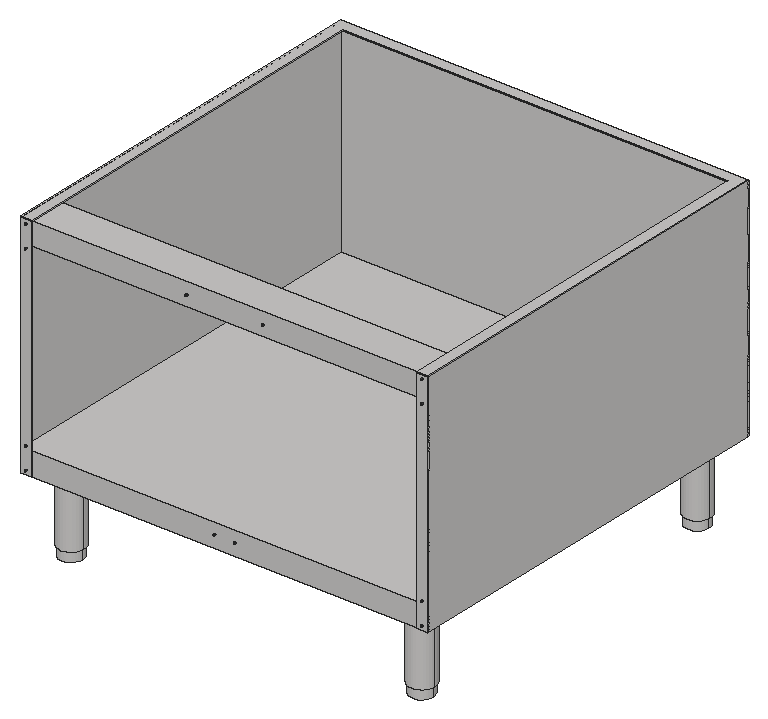
Revit family "QF_ELECTROLUXPROFESSIONAL_391154_E9BANH00O0", category Specialty Equipment, Revit 2018
Family settings
  Round Connector Dimension = Use Diameter
  Part Type = Normal
  Work Plane-Based = No
  Always vertical = Yes
  Cut with Voids When Loaded = No
  Shared = No
  Room Calculation Point = No
Parameters
  Width = 799 mm  # constant formula
  Weight in Pounds = 35
  URL Cutsheet = "www.electrolux.com"
  URL = "www.electrolux.com"
  Type Mark [instance] = ""
  Status [instance] = ""
  Specification by User [instance] = ""
  Specification by Manufacturer = ""
  Show Clearance [instance] = yes
  Serial Number = ""
  Seismic Rating = ""
  SMACNA No = ""
  Revision Code [instance] = ""
  Omniclass Number and Title = ""
  NAFEM Spec ID Number = ""
  Model = "391154"
  Masterspec = ""
  Manufacturer = "ELECTROLUX"
  Item Number [instance] = ""
  Installed By [instance] = ""
  Identify Quantity as Lot [instance] = yes
  Height = 599 mm  # constant formula
  Furnished By [instance] = ""
  Foodservice Equipment Identifier [instance] = yes
  Direct Waste Size = 0"
  Description = "900XP OPEN BASE 800 MM 1 MODULE."
  Depth = 785 mm  # constant formula
  CSI MasterFormat = ""
  CSI Master Format = ""
Reference planes
  plane 1 "BACK": y = 0
  plane 2: z = 0
  plane 3 "LEFT": x = 0
  plane 4 "RIGHT": x = 799
  plane 5 "FRONT": y = -785
  plane 6 "TOP": z = 599
  plane 7 "Center Y": x = 399.5
  plane 8 "Center X": y = -392.5
  plane 9 "Base Height": z = 149
  plane 10: x = 56
  plane 11: x = 743
  plane 12: y = -55
  plane 13: y = -730
Forms (mm)
  Extrusion 1, solid, material "QF_Finishes_Stainless Steel"
    sketch origin (0, -231, 149) x (-1, 0, 0) y (0, -1, 0)
      loop
        line (0, -231) -> (0, 554) -> (-22, 554) -> (-22, -209) -> (-777, -209) -> (-777, 554) -> (-799, 554) -> (-799, -231) -> (0, -231)
    from 448.412 to 450
  Extrusion 2, solid, material "QF_Finishes_Stainless Steel"
    sketch origin (0, -785, 0) x (1, 0, 0) y (0, 0, 1)
      loop
        line (0, 597.413) -> (0, 149) -> (22, 149) -> (22, 597.413) -> (0, 597.413)
      loop
        line (799, 149) -> (799, 597.413) -> (777, 597.413) -> (777, 149) -> (799, 149)
    from 0 to -1.59
  Extrusion 3, solid, material "QF_Finishes_Stainless Steel"
    sketch origin (0, -231, 0) x (0, 1, 0) y (0, 0, 1)
      loop
        line (-552.41, 597.413) -> (-552.41, 149) -> (229.41, 149) -> (229.41, 597.413) -> (-552.41, 597.413)
    from 0 to 1.59
  Extrusion 4, solid, material "QF_Finishes_Stainless Steel"
    sketch origin (799, -785, 597.413) x (0, 0, -1) y (0, 1, 0)
      loop
        line (0, 1.59) -> (448.412, 1.59) -> (448.412, 783.41) -> (0, 783.41) -> (0, 1.59)
    from 0 to -1.59
  Extrusion 5, solid, material "QF_Finishes_Stainless Steel"
    sketch origin (0, 0, 0) x (1, 0, 0) y (0, 0, 1)
      loop
        line (0, 597.413) -> (0, 149) -> (799, 149) -> (799, 597.413) -> (0, 597.413)
    from 0 to 1.59
  Extrusion 6, solid, material "QF_Finishes_Stainless Steel"
    sketch origin (0, -231, 149) x (-1, 0, 0) y (0, -1, 0)
      loop
        line (-1.59, -229.41) -> (-1.59, 552.41) -> (-797.41, 552.41) -> (-797.41, -229.41) -> (-1.59, -229.41)
      loop
        circle (-752.751, 403.685) r 12.7
    from 0 to 45
  Extrusion 7, solid, material "QF_Finishes_Stainless Steel"
    sketch origin (0, -231, 0) x (0, 1, 0) y (0, 0, 1)
      loop
        line (-552.41, 597.413) -> (-552.41, 554.237) -> (-550.82, 554.237) -> (-550.82, 595.823) -> (-477.41, 595.823) -> (-477.41, 597.413) -> (-552.41, 597.413)
    from 1.59 to 797.41
  Extrusion 8, solid, material "QF_Finishes_Black"
    sketch origin (399, -785, 149) x (-1, 0, 0) y (0, 0, -1)
      loop
        circle (387.615, -441.126) r 1.5
      loop
        circle (387.615, -397.951) r 1.5
      loop
        circle (387.615, -51.126) r 1.5
      loop
        circle (387.615, -7.951) r 1.5
      loop
        circle (-388.615, -441.126) r 1.5
      loop
        circle (-388.615, -397.951) r 1.5
      loop
        circle (-388.615, -51.126) r 1.5
      loop
        circle (-388.615, -7.951) r 1.5
    from 0 to 1.59
  Extrusion 9, solid, material "QF_Finishes_Black"
    sketch origin (0, -783.41, 592.413) x (0, 0, 1) y (-1, 0, 0)
      loop
        circle (-17.884, -324.72) r 1.5
      loop
        circle (-17.884, -474.28) r 1.5
      loop
        circle (-419.876, -379.55) r 1.5
      loop
        circle (-419.876, -419.45) r 1.5
    from 0 to 1.59
  Revolve 10, solid, material "QF_Finishes_Stainless Steel"
    sketch origin (398, -55, 0) x (-1, 0, 0) y (0, 0, -1)
      loop
        line (-345, 0) -> (-367.9, 0) -> (-367.9, -19.05) -> (-370.4, -19.05) -> (-370.4, -149) -> (-345, -149) -> (-345, 0)
      axis (-345, 0) -> (-345, -149)
    angle from 0 to 360
  Revolve 11, solid, material "QF_Finishes_Stainless Steel"
    sketch origin (398, -730, 0) x (-1, 0, 0) y (0, 0, -1)
      loop
        line (-345, 0) -> (-367.9, 0) -> (-367.9, -19.05) -> (-370.4, -19.05) -> (-370.4, -149) -> (-345, -149) -> (-345, 0)
      axis (-345, 0) -> (-345, -149)
    angle from 0 to 360
  Revolve 12, solid, material "QF_Finishes_Stainless Steel"
    sketch origin (401, -55, 0) x (1, 0, 0) y (0, 0, 1)
      loop
        line (-345, 0) -> (-345, 149) -> (-370.4, 149) -> (-370.4, 19.05) -> (-367.9, 19.05) -> (-367.9, 0) -> (-345, 0)
      axis (-345, 0) -> (-345, 149)
    angle from 0 to 360
  Revolve 13, solid, material "QF_Finishes_Stainless Steel"
    sketch origin (401, -730, 0) x (1, 0, 0) y (0, 0, 1)
      loop
        line (-345, 0) -> (-345, 149) -> (-370.4, 149) -> (-370.4, 19.05) -> (-367.9, 19.05) -> (-367.9, 0) -> (-345, 0)
      axis (-345, 0) -> (-345, 149)
    angle from 0 to 360
Lines and regions (mm)
  symbolic lines, style "QF_Undercounter Details"
    curve 1: line (0, 0, 149) -> (799, 0, 149)
    curve 2: line (0, -785, 149) -> (0, 0, 149)
    curve 3: line (799, -785, 149) -> (0, -785, 149)
    curve 4: line (799, 0, 149) -> (799, -785, 149)
    curve 5: line (22, -708.41, 149) -> (777, -708.41, 149)
    curve 6: line (777, -785, 149) -> (777, -22, 149)
    curve 7: line (777, -22, 149) -> (22, -22, 149)
    curve 8: line (22, -22, 149) -> (22, -785, 149)
    curve 10: line (777, -22, 149) -> (799, 0, 149)
  symbolic lines
    curve 9: line (22, -22, 149) -> (0, 0, 149)
Dimensions and locks
  equal spacing: plane 3 "LEFT", plane 7 "Center Y", plane 4 "RIGHT"
  "Width": plane 3 "LEFT" to plane 4 "RIGHT"
  equal spacing: plane 5 "FRONT", plane 8 "Center X", plane 1 "BACK"
  "Depth": plane 5 "FRONT" to plane 1 "BACK"
  "Height": plane 6 "TOP" to level
  locked: plane 9 "Base Height" to level at 149
  plane 4 "RIGHT" to plane 3 "LEFT" = 799 mm
  plane 4 "RIGHT" to plane 11 to plane 10 to plane 3 "LEFT" = 56 mm, 687 mm, 56 mm
  plane 12 to plane 1 "BACK" = 55 mm
  plane 5 "FRONT" to plane 13 = 55 mm
  plane 9 "Base Height" to plane 2 = 149 mm
  plane 6 "TOP" to plane 9 "Base Height" = 450 mm
  aligned and locked: level to plane 2
Automatic sketch dimensions
  plane 1 "BACK" to curve 1 = 0 mm
  curve 1 to plane 4 "RIGHT" = 0 mm
  plane 5 "FRONT" to curve 6 = 0 mm
  curve 3 to plane 3 "LEFT" = 0 mm
  curve 6 to plane 4 "RIGHT" = 22 mm
  plane 3 "LEFT" to curve 5 = 22 mm
  plane 1 "BACK" to curve 7 = 22 mm
  plane 13 to curve 5 = 21.59 mm
  plane 1 "BACK" to Extrusion 1 sketch curve = 0 mm
  Extrusion 1 sketch curve to plane 4 "RIGHT" = 0 mm
  plane 5 "FRONT" to Extrusion 1 sketch curve = 0 mm  (x2)
  Extrusion 1 sketch curve to plane 3 "LEFT" = 0 mm
  Extrusion 1 sketch curve to Extrusion 1 sketch curve = 22 mm
  plane 3 "LEFT" to Extrusion 1 sketch curve = 22 mm
  plane 1 "BACK" to Extrusion 1 sketch curve = 22 mm
  Extrusion 2 sketch curve to plane 3 "LEFT" = 0 mm
  Extrusion 2 sketch curve to plane 9 "Base Height" = 0 mm  (x2)
  Extrusion 2 sketch curve to plane 4 "RIGHT" = 0 mm
  plane 3 "LEFT" to Extrusion 2 sketch curve = 22 mm
  Extrusion 2 sketch curve to Extrusion 2 sketch curve = 22 mm
  Extrusion 2 sketch curve to plane 6 "TOP" = 1.587 mm  (x2)
  Extrusion 3 sketch curve to plane 9 "Base Height" = 0 mm
  Extrusion 3 sketch curve to plane 5 "FRONT" = 1.59 mm
  plane 1 "BACK" to Extrusion 3 sketch curve = 1.59 mm
  Extrusion 3 sketch curve to plane 6 "TOP" = 1.587 mm
  Extrusion 2 to Extrusion 4 sketch curve = 0 mm
  Extrusion 4 sketch curve to Extrusion 2 = 0 mm  (x2)
  Extrusion 4 sketch curve to Extrusion 2 = 781.82 mm
  Extrusion 5 sketch curve to plane 3 "LEFT" = 0 mm
  Extrusion 5 sketch curve to plane 4 "RIGHT" = 0 mm
  Extrusion 5 sketch curve to plane 9 "Base Height" = 0 mm
  Extrusion 5 sketch curve to plane 6 "TOP" = 1.587 mm
  Extrusion 6 sketch curve to Extrusion 6 sketch curve = 0 mm  (x2)
  Extrusion 6 sketch curve to plane 4 "RIGHT" = 1.59 mm
  plane 11 to Extrusion 6 sketch curve = 22.451 mm
  plane 11 to Extrusion 6 sketch curve = 9.751 mm
  plane 3 "LEFT" to Extrusion 6 sketch curve = 1.59 mm
  plane 1 "BACK" to Extrusion 6 sketch curve = 1.59 mm
  plane 13 to Extrusion 6 sketch curve = 95.315 mm
  Extrusion 6 sketch curve to plane 5 "FRONT" = 1.59 mm
  Extrusion 7 sketch curve to plane 5 "FRONT" = 1.59 mm
  Extrusion 7 sketch curve to Extrusion 7 sketch curve = 1.59 mm
  Extrusion 7 sketch curve to plane 6 "TOP" = 3.178 mm
  plane 13 to Extrusion 7 sketch curve = 21.59 mm
  Extrusion 7 sketch curve to Extrusion 7 sketch curve = 41.585 mm
  Extrusion 7 sketch curve to plane 6 "TOP" = 1.588 mm
  Extrusion 1 to Extrusion 8 sketch curve = 765.615 mm
  Extrusion 8 sketch curve to Extrusion 1 = 50.462 mm
  Extrusion 8 sketch curve to Extrusion 8 sketch curve = 0 mm  (x3)
  Extrusion 8 sketch curve to Extrusion 1 = 7.286 mm  (x2)
  Extrusion 8 sketch curve to Extrusion 1 = 10.615 mm  (x4)
  Extrusion 8 sketch curve to Extrusion 8 sketch curve = 43.175 mm  (x3)
  Extrusion 8 sketch curve to Extrusion 8 sketch curve = 346.825 mm  (x2)
  Revolve 10 sketch curve to plane 9 "Base Height" = 0 mm
  Revolve 10 sketch curve to level = 0 mm
  Revolve 10 sketch curve to plane 11 = 0 mm  (x2)
  Revolve 10 sketch curve to Revolve 10 sketch curve = 22.9 mm
  Revolve 10 sketch curve to Revolve 10 sketch curve = 2.5 mm
  plane 9 "Base Height" to Revolve 10 sketch curve = 1 mm
  Revolve 10 sketch curve to Revolve 10 sketch curve = 20 mm
  level to Revolve 10 sketch curve = 19.05 mm
  Revolve 11 sketch curve to plane 9 "Base Height" = 0 mm
  Revolve 11 sketch curve to level = 0 mm
  Revolve 11 sketch curve to plane 11 = 0 mm  (x2)
  Revolve 11 sketch curve to Revolve 11 sketch curve = 22.9 mm
  Revolve 11 sketch curve to Revolve 11 sketch curve = 2.5 mm
  Revolve 11 sketch curve to Revolve 11 sketch curve = 1 mm
  Revolve 11 sketch curve to Revolve 11 sketch curve = 20 mm
  level to Revolve 11 sketch curve = 19.05 mm
  Revolve 12 sketch curve to plane 9 "Base Height" = 0 mm
  Revolve 12 sketch curve to level = 0 mm
  plane 10 to Revolve 12 sketch curve = 0 mm  (x2)
  plane 10 to Revolve 12 sketch curve = 22.9 mm
  Revolve 12 sketch curve to Revolve 12 sketch curve = 2.5 mm
  level to Revolve 12 sketch curve = 19.05 mm
  plane 9 "Base Height" to Revolve 12 sketch curve = 1 mm
  Revolve 12 sketch curve to Revolve 12 sketch curve = 20 mm
  Revolve 13 sketch curve to plane 9 "Base Height" = 0 mm
  Revolve 13 sketch curve to level = 0 mm
  plane 10 to Revolve 13 sketch curve = 0 mm  (x2)
  plane 10 to Revolve 13 sketch curve = 22.9 mm
  Revolve 13 sketch curve to Revolve 13 sketch curve = 2.5 mm
  level to Revolve 13 sketch curve = 19.05 mm
  plane 9 "Base Height" to Revolve 13 sketch curve = 1 mm
  Revolve 13 sketch curve to Revolve 13 sketch curve = 20 mm
  Extrusion 7 to Extrusion 9 sketch curve = 381.701 mm
  Extrusion 9 sketch curve to Extrusion 9 sketch curve = 0 mm
  Extrusion 9 sketch curve to Extrusion 7 = 20.291 mm  (x2)
  Extrusion 7 to Extrusion 9 sketch curve = 323.13 mm
  Extrusion 7 to Extrusion 9 sketch curve = 377.96 mm
  Extrusion 9 sketch curve to Extrusion 9 sketch curve = 39.9 mm
  Extrusion 9 sketch curve to Extrusion 9 sketch curve = 149.56 mm
  radius of Extrusion 8 sketch curve = 1.5 mm  (x8)
  radius of Extrusion 9 sketch curve = 1.5 mm  (x4)
